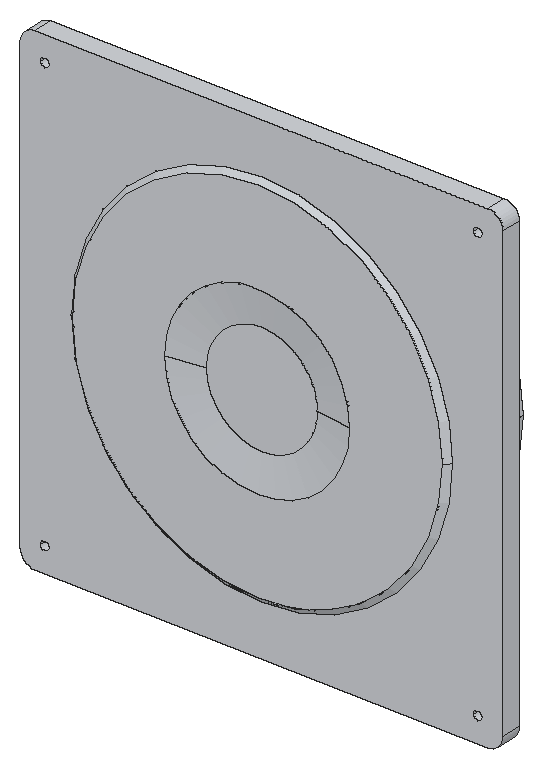
Revit family "16. Настенный осевой вентилятор FE Тип А", category Оборудование, Revit 2016
Family settings
  Тип детали = Нормальный
  Размер круглого соединителя = Использовать диаметр
  На основе рабочей плоскости = Нет
  Всегда вертикально = Да
  При загрузке вырезать с полостями = Нет
  Общий = Нет
  Точка расчета площади = Нет
Parameters (values of type "FE035-4EQ")
  отступ = 32 mm
  Частотный преобразователь [instance] = no
  Частота вращения n, об/мин = "1400"
  Тип, марка, обозначение = "FE035-4EQ.OF.A7"
  Теплопроизводительность, кВт = ""
  Сила тока J, А = "0.9"
  Регулятор расхода [instance] = no
  Раздел = "ОВ"
  Примечание = ""
  Позиция = ""
  Напряжение U,В = ""
  Наименование и тех.хар-ка = " Настенный осевой вентилятор"  # constant formula
  Мощность, кВт = 0.2 W
  Материал = Сталь серая
  Масса единицы = "7.2 кг"
  Размер В = 9 mm
  Код, оборудования = ""
  Ключевая пометка = "Вентиляция"
  И = 75 mm
  Задание электрикам [instance] = no
  Задание автоматчикам [instance] = no
  Завод изготовитель = "KORF"  # constant formula
  Ж = Б * 0.16  # 77.6 mm
  Единица измерения = "шт."  # constant formula
  Е = 118 mm
  Д = Г * 0.9  # 334.8 mm
  Б = 485 mm
  x = И * 0.11  # 8.25 mm
  d2 = Г * 0.9  # 334.8 mm
  d1 = Г * 0.5  # 186 mm
  d = Г * 0.34  # 126.48 mm
  R скругления = 15 mm
  D2 = Г * 0.3  # 111.6 mm
  D1 = Г * 0.5  # 186 mm
  D = Г * 1.03  # 383.16 mm
  А = 435 mm
  Г = 372 mm
Types (4, lengths in mm): name | Частота вращения n, об/мин | Тип, марка, обозначение | Сила тока J, А | Мощность, кВт | Масса единицы | И | Ж | Е | Д | Б | x | d2 | d1 | d | D2 | D1 | D | А | Г
  FE031-4DQ | "1410" | "FE031-4DQ.OC.A7" | "0.29" | 0.12 W | "6,1 кг" | 70 | 68.8 | 103 | 295.2 | 430 | 7.7 | 295.2 | 164 | 111.52 | 98.4 | 164 | 337.84 | 380 | 328
  FE031-4EQ | "1400" | "FE031-4EQ.OC.A7" | "0.59" | 0.13 W | "6,1 кг" | 70 | 68.8 | 103 | 295.2 | 430 | 7.7 | 295.2 | 164 | 111.52 | 98.4 | 164 | 337.84 | 380 | 328
  FE035-4DQ | "1360" | "FE035-4DQ.OC.A7" | "0.35" | 0.18 W | "6,9 кг" | 75 | 77.6 | 103 | 334.8 | 485 | 8.25 | 334.8 | 186 | 126.48 | 111.6 | 186 | 383.16 | 435 | 372
  FE035-4EQ | "1400" | "FE035-4EQ.OF.A7" | "0.9" | 0.2 W | "7.2 кг" | 75 | 77.6 | 118 | 334.8 | 485 | 8.25 | 334.8 | 186 | 126.48 | 111.6 | 186 | 383.16 | 435 | 372
Reference planes
  plane 1 "По центру (Вперед/Назад)": y = 0
  plane 2: z = 0
  plane 3 "По центру (Влево/Вправо)": x = 0
  plane 4: x = -217.5
  plane 5: z = -217.5
  plane 6: x = 242.5
  plane 7: z = 217.5
  plane 8: x = -242.5
  plane 9: z = 242.5
  plane 10: x = 217.5
  plane 11: z = -242.5
  plane 12: y = -20
  plane 13: y = 75
  plane 14: y = 83.25
  plane 15: y = -25
  plane 16: through (-185, -1524, 185) normal (0.7071, 0, 0.7071)
  plane 17: through (185, -1524, 185) normal (0.7071, 0, -0.7071)
  plane 18: y = -25
  plane 19: y = 55
Forms (mm)
  Extrusion 1, void, not visible
    sketch origin (-345, -245, 50) x (0, -1, 0) y (0, 0, -1)
      loop
        line (-477.965, -475) -> (-477.965, -450) -> (-528.913, -450) -> (-528.913, -475) -> (-477.965, -475)
    from -47.452 to 12
  Extrusion 2, solid, detail levels fine
    sketch origin (0, 0, 0) x (1, 0, 0) y (0, 0, 1)
      loop
        arc (-227.5, 242.5) -> (-238.107, 238.107) -> (-242.5, 227.5) r 15
        line (-242.5, 227.5) -> (-242.5, -227.5)
        arc (-242.5, -227.5) -> (-238.107, -238.107) -> (-227.5, -242.5) r 15
        line (-227.5, -242.5) -> (227.5, -242.5)
        arc (227.5, -242.5) -> (238.107, -238.107) -> (242.5, -227.5) r 15
        line (242.5, -227.5) -> (242.5, 227.5)
        arc (242.5, 227.5) -> (238.107, 238.107) -> (227.5, 242.5) r 15
        line (227.5, 242.5) -> (-227.5, 242.5)
    from 0 to 20
  Extrusion 3, solid, detail levels fine
    sketch origin (0, 0, 0) x (1, 0, 0) y (0, 0, 1)
      loop
        circle (0, 0) r 186
      loop
        circle (0, 0) r 167.4
    from 0 to -75
  Extrusion 4, void
    sketch origin (0, 0, 0) x (1, 0, 0) y (0, 0, 1)
      loop
        circle (-217.5, 217.5) r 4.5
      loop
        circle (217.5, 217.5) r 4.5
      loop
        circle (-217.5, -217.5) r 4.5
      loop
        circle (217.5, -217.5) r 4.5
    from 0 to 100
  Blend 5, solid, detail levels fine
    base sketch origin (0, 0, 0) x (1, 0, 0) y (0, 0, 1)
      loop
        circle (0, 0) r 191.58
    top sketch origin (0, 0, 0) x (1, 0, 0) y (0, 0, 1)
      loop
        circle (0, 0) r 186
    from 20 to 25
  Blend 6, void
    base sketch origin (0, 0, 0) x (1, 0, 0) y (0, 0, 1)
      loop
        circle (0, 0) r 93
    top sketch origin (0, 0, 0) x (1, 0, 0) y (0, 0, 1)
      loop
        circle (0, 0) r 55.8
    from 25 to 20
  Blend 7, solid, detail levels fine
    base sketch origin (0, 0, 0) x (1, 0, 0) y (0, 0, 1)
      loop
        circle (0, 0) r 63.24
    top sketch origin (0, 0, 0) x (1, 0, 0) y (0, 0, 1)
      loop
        circle (0, 0) r 93
    from -83.25 to -75
  Blend 8, solid, detail levels fine
    base sketch origin (0, 0, 0) x (1, 0, 0) y (0, 0, 1)
      loop
        circle (0, 0) r 93
    top sketch origin (0, 0, 0) x (1, 0, 0) y (0, 0, 1)
      loop
        circle (0, 0) r 167.4
    from -75 to -55
Cuts and joins
  Extrusion 4, Blend 6 cuts Extrusion 2
  Blend 6 cuts Blend 5
Lines and regions (mm)
  model lines, detail levels coarse
    curve 1: line (-242.5, 0, 242.5) -> (242.5, 0, 242.5)
    curve 2: line (-242.5, 0, -242.5) -> (-242.5, 0, 242.5)
    curve 3: line (242.5, 0, -242.5) -> (-242.5, 0, -242.5)
    curve 4: line (242.5, 0, 242.5) -> (242.5, 0, -242.5)
    curve 5: circle (0, 0, 0) r 168.92 normal (0, -1, 0)
    curve 6: circle (0, 0, 0) r 147.6 normal (0, -1, 0)
    curve 7: circle (0, 0, 0) r 82 normal (0, -1, 0)
    curve 8: circle (0, 0, 0) r 55.76 normal (0, -1, 0)
    curve 9: line (-242.5, 0, 242.5) -> (242.5, 0, -242.5)
    curve 10: line (-242.5, 0, -242.5) -> (242.5, 0, 242.5)
    curve 15: line (0, -55, 0) -> (-106.066, -161.066, 0)
    curve 16: line (-106.066, -161.066, 0) -> (0, -161.066, 0)
    curve 17: line (0, -55, 0) -> (106.066, -161.066, 0)
    curve 18: line (106.066, -161.066, 0) -> (0, -161.066, 0)
  model lines, detail levels medium
    curve 11: line (0, -25, 242.5) -> (0, 83.25, 242.5)
    curve 12: line (0, -25, -242.5) -> (0, -25, 242.5)
    curve 13: line (0, 83.25, -242.5) -> (0, -25, -242.5)
    curve 14: line (0, 83.25, 242.5) -> (0, 83.25, -242.5)
    curve 23: line (0, -55, 0) -> (0, -164.602, 109.602)
    curve 24: line (0, -164.602, 109.602) -> (0, -164.602, 0)
    curve 25: line (0, -55, 0) -> (0, -164.602, -109.602)
    curve 26: line (0, -164.602, -109.602) -> (0, -164.602, 0)
  model lines, not visible, detail levels coarse
    curve 19: line (0, -55, 0) -> (-106.066, -161.066, 0)
    curve 20: line (-106.066, -161.066, 0) -> (0, -161.066, 0)
    curve 21: line (0, -55, 0) -> (106.066, -161.066, 0)
    curve 22: line (106.066, -161.066, 0) -> (0, -161.066, 0)
  model lines, not visible, detail levels medium
    curve 27: line (0, -55, 0) -> (0, -164.602, 109.602)
    curve 28: line (0, -164.602, 109.602) -> (0, -164.602, 0)
    curve 29: line (0, -55, 0) -> (0, -164.602, -109.602)
    curve 30: line (0, -164.602, -109.602) -> (0, -164.602, 0)
Dimensions and locks
  equal spacing: plane 7, level, plane 5
  "А": plane 7 to plane 5
  equal spacing: plane 9, level, plane 11
  "Б": plane 9 to plane 11
  equal spacing: plane 10, plane 3 "По центру (Влево/Вправо)", plane 4
  "А": plane 10 to plane 4
  "И": plane 1 "По центру (Вперед/Назад)" to plane 13
  "x": plane 14 to plane 13
  locked: plane 12 to plane 1 "По центру (Вперед/Назад)" at 20
  locked: plane 1 "По центру (Вперед/Назад)" to plane 18 at 25
  locked: plane 13 to plane 19 at 20
  locked: plane 15 to plane 1 "По центру (Вперед/Назад)" at 25
  equal spacing: plane 8, plane 3 "По центру (Влево/Вправо)", plane 6
  "Б": plane 8 to plane 6
  plane 14 to plane 18 = 108.25 mm
  "Г": diameter of Extrusion 3 sketch curve
  "Д": diameter of Extrusion 3 sketch curve
  "R скругления": radius of Extrusion 2 sketch curve  (x4)
  "Размер В": diameter of Extrusion 4 sketch curve  (x4)
  "D": diameter of Blend 5 sketch curve
  "Г": diameter of Blend 5 sketch curve
  "D1": diameter of Blend 6 sketch curve
  "D2": diameter of Blend 6 sketch curve
  "d": diameter of Blend 7 sketch curve
  "d1": diameter of Blend 7 sketch curve
  "d1": diameter of Blend 8 sketch curve
  "d2": diameter of Blend 8 sketch curve
  aligned and locked: level to plane 2
  aligned and locked: Extrusion 2 to plane 9
  aligned and locked: Extrusion 2 to plane 6
  aligned and locked: plane 11 to Extrusion 2
  aligned and locked: Extrusion 2 to plane 8
  aligned and locked: Extrusion 2 to plane 12
  aligned and locked: plane 13 to Extrusion 3
  aligned and locked: Blend 5 to plane 15
  aligned and locked: plane 12 to Blend 5
  aligned and locked: Blend 6 to plane 15
  aligned and locked: Blend 6 to Extrusion 2
  aligned and locked: plane 14 to Blend 7
  aligned and locked: Blend 7 to Extrusion 3
  aligned and locked: Extrusion 3 to Blend 8
  aligned and locked: Blend 8 to plane 19
  aligned and locked: curve 1 to plane 9
  aligned and locked: curve 2 to plane 8
  aligned and locked: curve 3 to plane 11
  aligned and locked: curve 4 to plane 6
  aligned and locked: curve 11 to plane 9
  aligned and locked: plane 15 to curve 12
  aligned and locked: curve 13 to plane 11
  aligned and locked: curve 14 to plane 14
Automatic sketch dimensions
  Extrusion 3 sketch curve to Extrusion 3 sketch curve = 0 mm  (x2)
  Extrusion 3 sketch curve to level = 0 mm
  Extrusion 3 sketch curve to plane 3 "По центру (Влево/Вправо)" = 0 mm
  Extrusion 4 sketch curve to plane 4 = 0 mm  (x2)
  Extrusion 4 sketch curve to plane 5 = 0 mm  (x2)
  Extrusion 4 sketch curve to plane 10 = 0 mm  (x2)
  Extrusion 4 sketch curve to plane 7 = 0 mm  (x2)
  Blend 5 sketch curve to level = 0 mm  (x2)
  Blend 5 sketch curve to plane 3 "По центру (Влево/Вправо)" = 0 mm  (x2)
  Blend 6 sketch curve to level = 0 mm  (x2)
  Blend 6 sketch curve to plane 3 "По центру (Влево/Вправо)" = 0 mm  (x2)
  Blend 7 sketch curve to level = 0 mm  (x2)
  Blend 7 sketch curve to plane 3 "По центру (Влево/Вправо)" = 0 mm  (x2)
  Blend 8 sketch curve to level = 0 mm  (x2)
  Blend 8 sketch curve to plane 3 "По центру (Влево/Вправо)" = 0 mm  (x2)
  curve 5 to curve 6 = 0 mm  (x2)
  curve 5 to curve 7 = 0 mm  (x2)
  curve 5 to curve 8 = 0 mm  (x2)
  curve 6 to curve 7 = 0 mm  (x2)
  curve 6 to curve 8 = 0 mm  (x2)
  curve 7 to curve 8 = 0 mm  (x2)
  curve 8 to level = 0 mm
  curve 8 to plane 3 "По центру (Влево/Вправо)" = 0 mm
  Extrusion 2 sketch curve to plane 8 = 0 mm
  Extrusion 2 sketch curve to plane 9 = 0 mm
  Extrusion 2 sketch curve to plane 17 = 0 mm
  Extrusion 2 sketch curve to plane 11 = 0 mm
  radius of curve 5 = 168.92 mm
  radius of curve 6 = 147.6 mm
  radius of curve 7 = 82 mm
  radius of curve 8 = 55.76 mm
Nested families
  nested 1: "крепление 15мм" at (-330, 229.965, 495), type "крепление 15мм", not visible
Connectors
  hvac at (0, 75, 0), driven by "Д"
    settings: on Extrusion 3, index 1, duct flow 0.0 L/s, flow factor 0, pres drop 0.0 Pa, loss coef 0, conn angle 0.00°, conn width 304.8 mm, conn height 304.8 mm, conn diameter 334.8 mm, duct sys type 28, conn prof type 0, flow config 0, flow direction 0, loss method 0, conn ref index -1, conn util no, is conn primary yes, conn desc ""
Definition of nested family "крепление 15мм"
  Parameters (values of type "крепление 15мм")
    Материал крепления = none
  Reference planes
    plane 1 "По центру (Вперед/Назад)": y = 0
    plane 2: z = 0
    plane 3 "По центру (Влево/Вправо)": x = 0
  Forms (mm)
    Extrusion 1, solid, material <- "Материал крепления"
      sketch origin (0, 0, 0) x (1, 0, 0) y (0, 1, 0)
        loop
          line (-25, 0) -> (0, 0) -> (0, 18.31) -> (0, 25) -> (-3, 25) -> (-3, 3) -> (-25, 3) -> (-25, 0)
      from 0 to 30
    Extrusion 2, void
      sketch origin (0, 0, 0) x (1, 0, 0) y (0, 1, 0)
        loop
          line (-3, 3) -> (-3, 54.96) -> (-58, 54.96) -> (-58, 3) -> (-3, 3)
      from 0 to 15
  Cuts and joins
    Extrusion 2 cuts Extrusion 1
  Dimensions and locks
    Extrusion 1 sketch curve to Extrusion 1 sketch curve = 3 mm  (x2)
    Extrusion 1 sketch curve to Extrusion 1 sketch curve to plane 3 "По центру (Влево/Вправо)" = 25 mm, 0 mm
    Extrusion 1 sketch curve to Extrusion 1 sketch curve = 25 mm
    aligned and locked: level to plane 2
